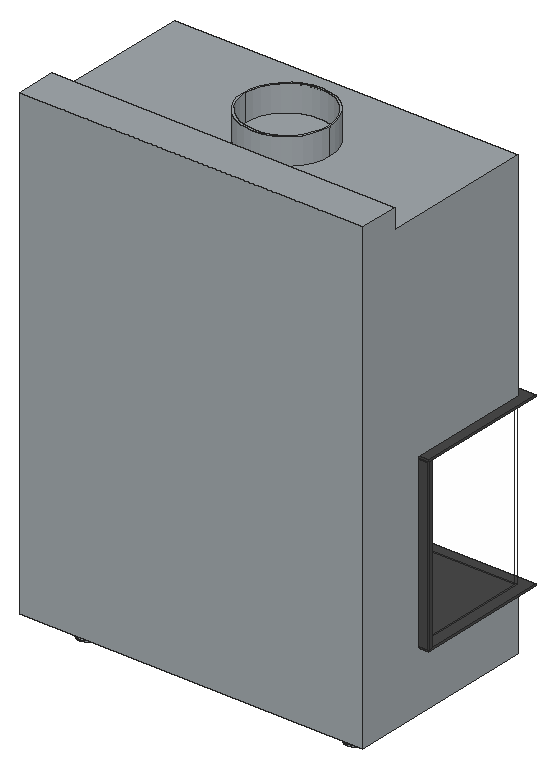
Revit family "METALFIRE_ULTIME_D_MF_WHE_2S", category Mechanical Equipment, host Wall, Revit 2018
Family settings
  Host = Wall
  Round Connector Dimension = Use Diameter
  Part Type = Normal
  OmniClass Number = 23.75.00.00
  OmniClass Title = Climate Control (HVAC)
  Always vertical = Yes
  Cut with Voids When Loaded = No
  Shared = No
  Room Calculation Point = Yes
Parameters (values of type "1050 x 500 mm")
  WIDTH = 997 mm
  WEIGHT = 320.00 kg
  URL = "https://www.metalfire.eu"
  TECHNICAL SHEET = "https://www.metalfire.eu/en/products/wood-fireplaces/ultime-d"
  SMOKE EXHAUST = "Ø250 mm"
  PRODUCT SHEET = "https://www.archiproducts.com/en/products/metalfire/wood-burning-corner-fireplace-ultime-d-corner-fireplace_456405"
  PRODUCT CODE = "MF 1050-50 WHE 2S V20"
  OVERALL WIDTH = 1118 mm
  OVERALL HEIGHT = 1461 mm
  OVERALL DEPTH = 597 mm
  OUTPUT = 19.8 kW
  Number [instance] = (WIDTH / 20 mm) - 2  # 48
  NUMBER OF ELEMENTS = WIDTH / 20 mm - 3  # 47
  Model = "Ultime D"
  Manufacturer = "Metalfire"
  MATERIAL DESCRIPTION = "Iron, galvanized steel and vermiculite plates"
  HEIGHT = 504 mm
  FRAME MATERIAL = Iron - Metalfire
  FINISHING MATERIAL = Painted steel, cast iron
  FINE DUST EMISSION = "30 mg/Nm3"
  ENERGY EFFICIENCY CLASS = "A+"
  Description = "This generation of room air independent wood fireplaces with liftable door is equipped with a dynamic combustion technique that ensures optimal combustion and high efficiency."
  DEPTH = 401 mm
  CO EMISSION = 0.07%
  BIM USER MANUAL = "https://img.edilportale.com/bim/METALFIRE-BIM-USER-MANUAL-Metalfire-bim.pdf"
  BIM BADGE = "https://bim.archiproducts.com/en/badge/bim-archiproducts-featured_658700/about"
  BIM AUTHOR = "https://bim.archiproducts.com"
Types (2, lengths in mm): name | WIDTH | PRODUCT CODE | OVERALL WIDTH | OVERALL DEPTH | OUTPUT | Number | NUMBER OF ELEMENTS | FINE DUST EMISSION | DEPTH | CO EMISSION
  800 x 500 mm | 747 | "MF 800-50 WHE 2S V20" | 868 | 608 | 16.1 kW | 35 | 34 | "24 mg/Nm3" | 461 | 0.06%
  1050 x 500 mm | 997 | "MF 1050-50 WHE 2S V20" | 1118 | 597 | 19.8 kW | 48 | 47 | "30 mg/Nm3" | 401 | 0.07%
Reference planes
  plane 1 "Wall": y = 0
  plane 2 "Center (Left/Right)": x = 0
  plane 3 "Back": y = 400
  plane 4: x = 498.5
  plane 5: x = -498.5
  plane 6: z = 245
  plane 7: z = 749
  plane 8: z = 1461
  plane 9: x = -437.485
  plane 10: x = 365.485
  plane 11: x = -478.5
  plane 12: x = -458.5
Forms (mm)
  Extrusion 1, void
    sketch origin (0, 400, 0) x (1, 0, 0) y (0, 0, 1)
      loop
        line (498.5, 240) -> (498.5, 754) -> (-503.5, 754) -> (-503.5, 240) -> (498.5, 240)
    from 0 to 404.84
  Extrusion 2, void
    sketch origin (0, 0, 0) x (0, 1, 0) y (0, 0, 1)
      loop
        line (370, 1481) -> (-208, 1481) -> (-208, 0) -> (370, 0) -> (370, 1481)
    from -560.5 to 468.5
  Extrusion 3, solid, material "Painted steel, cast iron" <- "FINISHING MATERIAL", detail levels medium+fine
    sketch origin (0, 400, 0) x (1, 0, 0) y (0, 0, 1)
      loop
        line (498.5, 245) -> (-498.5, 245) -> (-498.5, 749) -> (498.5, 749) -> (498.5, 754) -> (-503.5, 754) -> (-503.5, 240) -> (498.5, 240) -> (498.5, 245)
    from 0 to 401
  Extrusion 4, solid, material "Painted steel, cast iron" <- "FINISHING MATERIAL", detail levels medium+fine
    sketch origin (-424.5, -1068.817, 4000) x (0, 1, 0) y (0, 0, 1)
      loop
        line (1063.978, -3755) -> (1068.978, -3755) -> (1068.978, -3251) -> (1063.978, -3251) -> (1063.978, -3755)
    from -74 to 923
  Extrusion 5, solid, material "Iron - Metalfire" <- "FRAME MATERIAL", detail levels fine
    sketch origin (-429.5, -1068.817, 4000) x (0, 1, 0) y (0, 0, 1)
      loop
        line (860.817, -2539) -> (860.817, -3940) -> (980.817, -3940) -> (980.817, -2539) -> (860.817, -2539)
    from -131 to 898
  Extrusion 6, solid, material "Iron - Metalfire" <- "FRAME MATERIAL", detail levels fine
    sketch origin (-424.5, -1068.817, 4000) x (0, 1, 0) y (0, 0, 1)
      loop
        line (980.817, -3940) -> (1438.817, -3940) -> (1438.817, -3760) -> (1063.978, -3760) -> (1063.978, -3246) -> (1438.817, -3246) -> (1438.817, -2599) -> (980.817, -2599) -> (980.817, -3940)
    from -79 to 893
  Extrusion 7, solid, material "Iron - Metalfire" <- "FRAME MATERIAL", detail levels fine
    sketch origin (0, 400, 0) x (1, 0, 0) y (0, 0, 1)
      loop
        line (-503.5, 1401) -> (-560.5, 1401) -> (-560.5, 60) -> (-503.5, 60) -> (-503.5, 1401)
    from 30 to 488
  Extrusion 8, solid, material "Iron - Metalfire" <- "FRAME MATERIAL", detail levels fine
    sketch origin (0, 0, 0) x (1, 0, 0) y (0, 1, 0)
      loop
        circle (0, 91) r 125
      loop
        circle (0, 91) r 130
    from 1401 to 1481
  Revolve 9, solid, material "Iron - Metalfire" <- "FRAME MATERIAL", detail levels fine
    sketch origin (-437.485, -119.985, 4000) x (0, -1, 0) y (0, 0, 1)
      loop
        line (-419.471, -4000) -> (-419.471, -3940) -> (-427.471, -3940) -> (-427.471, -3984) -> (-431.471, -3984) -> (-431.471, -3994) -> (-425.537, -3994) -> (-431.971, -3997) -> (-449.471, -3997) -> (-449.471, -3999) -> (-447.471, -4000) -> (-419.471, -4000)
      axis (-419.471, -4000) -> (-419.471, -3940)
    angle from 0 to 360
  Revolve 10, solid, material "Iron - Metalfire" <- "FRAME MATERIAL", detail levels fine
    sketch origin (-437.485, -527.456, 4000) x (0, -1, 0) y (0, 0, 1)
      loop
        line (-419.471, -4000) -> (-419.471, -3940) -> (-427.471, -3940) -> (-427.471, -3984) -> (-431.471, -3984) -> (-431.471, -3994) -> (-425.537, -3994) -> (-431.971, -3997) -> (-449.471, -3997) -> (-449.471, -3999) -> (-447.471, -4000) -> (-419.471, -4000)
      axis (-419.471, -4000) -> (-419.471, -3940)
    angle from 0 to 360
  Revolve 11, solid, material "Iron - Metalfire" <- "FRAME MATERIAL", detail levels fine
    sketch origin (365.485, -119.985, 4000) x (0, -1, 0) y (0, 0, 1)
      loop
        line (-419.471, -4000) -> (-419.471, -3940) -> (-427.471, -3940) -> (-427.471, -3984) -> (-431.471, -3984) -> (-431.471, -3994) -> (-425.537, -3994) -> (-431.971, -3997) -> (-449.471, -3997) -> (-449.471, -3999) -> (-447.471, -4000) -> (-419.471, -4000)
      axis (-419.471, -4000) -> (-419.471, -3940)
    angle from 0 to 360
  Revolve 12, solid, material "Iron - Metalfire" <- "FRAME MATERIAL", detail levels fine
    sketch origin (365.485, -527.456, 4000) x (0, -1, 0) y (0, 0, 1)
      loop
        line (-419.471, -4000) -> (-419.471, -3940) -> (-427.471, -3940) -> (-427.471, -3984) -> (-431.471, -3984) -> (-431.471, -3994) -> (-425.537, -3994) -> (-431.971, -3997) -> (-449.471, -3997) -> (-449.471, -3999) -> (-447.471, -4000) -> (-419.471, -4000)
      axis (-419.471, -4000) -> (-419.471, -3940)
    angle from 0 to 360
  Extrusion 13, solid, material "Painted steel, cast iron" <- "FINISHING MATERIAL", detail levels fine
    sketch origin (0, 60, 0) x (1, 0, 0) y (0, 1, 0)
      loop
        line (-498.5, -61) -> (-488.5, -61) -> (-488.5, -51) -> (-498.5, -51) -> (-498.5, -61)
    from 245 to 749
  Extrusion 14, solid, material "Painted steel, cast iron" <- "FINISHING MATERIAL", detail levels fine
    sketch origin (0, 80, 0) x (1, 0, 0) y (0, 1, 0)
      loop
        line (-498.5, -61) -> (-488.5, -61) -> (-488.5, -51) -> (-498.5, -51) -> (-498.5, -61)
    from 245 to 749
  Extrusion 15, solid, material "Painted steel, cast iron" <- "FINISHING MATERIAL", detail levels fine
    sketch origin (0, 100, 0) x (1, 0, 0) y (0, 1, 0)
      loop
        line (-498.5, -61) -> (-488.5, -61) -> (-488.5, -51) -> (-498.5, -51) -> (-498.5, -61)
    from 245 to 749
  Extrusion 16, solid, material "Painted steel, cast iron" <- "FINISHING MATERIAL", detail levels fine
    sketch origin (0, 120, 0) x (1, 0, 0) y (0, 1, 0)
      loop
        line (-498.5, -61) -> (-488.5, -61) -> (-488.5, -51) -> (-498.5, -51) -> (-498.5, -61)
    from 245 to 749
  Extrusion 17, solid, material "Painted steel, cast iron" <- "FINISHING MATERIAL", detail levels fine
    sketch origin (0, 140, 0) x (1, 0, 0) y (0, 1, 0)
      loop
        line (-498.5, -61) -> (-488.5, -61) -> (-488.5, -51) -> (-498.5, -51) -> (-498.5, -61)
    from 245 to 749
  Extrusion 18, solid, material "Painted steel, cast iron" <- "FINISHING MATERIAL", detail levels fine
    sketch origin (0, 160, 0) x (1, 0, 0) y (0, 1, 0)
      loop
        line (-498.5, -61) -> (-488.5, -61) -> (-488.5, -51) -> (-498.5, -51) -> (-498.5, -61)
    from 245 to 749
  Extrusion 19, solid, material "Painted steel, cast iron" <- "FINISHING MATERIAL", detail levels fine
    sketch origin (0, 180, 0) x (1, 0, 0) y (0, 1, 0)
      loop
        line (-498.5, -61) -> (-488.5, -61) -> (-488.5, -51) -> (-498.5, -51) -> (-498.5, -61)
    from 245 to 749
  Extrusion 20, solid, material "Painted steel, cast iron" <- "FINISHING MATERIAL", detail levels fine
    sketch origin (0, 200, 0) x (1, 0, 0) y (0, 1, 0)
      loop
        line (-498.5, -61) -> (-488.5, -61) -> (-488.5, -51) -> (-498.5, -51) -> (-498.5, -61)
    from 245 to 749
  Extrusion 21, solid, material "Painted steel, cast iron" <- "FINISHING MATERIAL", detail levels fine
    sketch origin (0, 220, 0) x (1, 0, 0) y (0, 1, 0)
      loop
        line (-498.5, -61) -> (-488.5, -61) -> (-488.5, -51) -> (-498.5, -51) -> (-498.5, -61)
    from 245 to 749
  Extrusion 22, solid, material "Painted steel, cast iron" <- "FINISHING MATERIAL", detail levels fine
    sketch origin (0, 240, 0) x (1, 0, 0) y (0, 1, 0)
      loop
        line (-498.5, -61) -> (-488.5, -61) -> (-488.5, -51) -> (-498.5, -51) -> (-498.5, -61)
    from 245 to 749
  Extrusion 23, solid, material "Painted steel, cast iron" <- "FINISHING MATERIAL", detail levels fine
    sketch origin (0, 260, 0) x (1, 0, 0) y (0, 1, 0)
      loop
        line (-498.5, -61) -> (-488.5, -61) -> (-488.5, -51) -> (-498.5, -51) -> (-498.5, -61)
    from 245 to 749
  Extrusion 24, solid, material "Painted steel, cast iron" <- "FINISHING MATERIAL", detail levels fine
    sketch origin (0, 280, 0) x (1, 0, 0) y (0, 1, 0)
      loop
        line (-498.5, -61) -> (-488.5, -61) -> (-488.5, -51) -> (-498.5, -51) -> (-498.5, -61)
    from 245 to 749
  Extrusion 25, solid, material "Painted steel, cast iron" <- "FINISHING MATERIAL", detail levels fine
    sketch origin (0, 300, 0) x (1, 0, 0) y (0, 1, 0)
      loop
        line (-498.5, -61) -> (-488.5, -61) -> (-488.5, -51) -> (-498.5, -51) -> (-498.5, -61)
    from 245 to 749
  Extrusion 26, solid, material "Painted steel, cast iron" <- "FINISHING MATERIAL", detail levels fine
    sketch origin (0, 320, 0) x (1, 0, 0) y (0, 1, 0)
      loop
        line (-498.5, -61) -> (-488.5, -61) -> (-488.5, -51) -> (-498.5, -51) -> (-498.5, -61)
    from 245 to 749
  Extrusion 27, solid, material "Painted steel, cast iron" <- "FINISHING MATERIAL", detail levels fine
    sketch origin (0, 340, 0) x (1, 0, 0) y (0, 1, 0)
      loop
        line (-498.5, -61) -> (-488.5, -61) -> (-488.5, -51) -> (-498.5, -51) -> (-498.5, -61)
    from 245 to 749
  Extrusion 28, solid, material "Painted steel, cast iron" <- "FINISHING MATERIAL", detail levels fine
    sketch origin (0, 360, 0) x (1, 0, 0) y (0, 1, 0)
      loop
        line (-498.5, -61) -> (-488.5, -61) -> (-488.5, -51) -> (-498.5, -51) -> (-498.5, -61)
    from 245 to 749
  Extrusion 29, solid, material "Clear Glass - Metalfire", detail levels medium+fine
    sketch origin (0, 0, 0) x (1, 0, 0) y (0, 1, 0)
      loop
        line (-498.5, 370) -> (-498.5, 365) -> (463.5, 365) -> (463.5, -4.84) -> (468.5, -4.84) -> (468.5, 370) -> (-498.5, 370)
    from 245 to 749
Cuts and joins
  joined: Extrusion 3, Extrusion 4
  joined: Extrusion 5, Extrusion 6, Extrusion 7
Text (mm)
  text "Placement side" at (-1820.995, 1116.779, 0), in view "Ref. Level"
  text "Placement side" at (0, 1334.055, 2976.191), in view "Left"
  text "Placement side" at (0, 439.194, 2944.362), in view "Right"
Dimensions and locks
  locked: plane 3 "Back" to host wall
  equal spacing: plane 5, plane 2 "Center (Left/Right)", plane 4
  "WIDTH": plane 5 to plane 4
  locked: level to plane 6 at 245
  "HEIGHT": plane 6 to plane 7
  locked: Extrusion 3 sketch curve to Extrusion 3 sketch curve at 5  (x3)
  Extrusion 3 to plane 3 "Back" = 401 mm
  locked: Extrusion 4 sketch curve to Extrusion 4 sketch curve at 5
  "OVERALL HEIGHT": level to plane 8
  locked: Extrusion 5 sketch curve to Extrusion 5 sketch curve at 120
  locked: Extrusion 5 sketch curve to level at 60
  locked: Extrusion 5 sketch curve to plane 3 "Back" at 608
  locked: plane 5 to Extrusion 5 at 62
  level to Extrusion 5 = 1461 mm
  locked: plane 4 to Extrusion 5 at 30
  locked: plane 8 to Extrusion 6 sketch curve at 60
  locked: plane 7 to Extrusion 6 sketch curve at 5
  locked: plane 6 to Extrusion 6 sketch curve at 5
  locked: level to Extrusion 6 sketch curve at 60
  Extrusion 6 sketch curve to Extrusion 6 sketch curve to Extrusion 6 sketch curve = 83.16 mm, 374.84 mm
  locked: Extrusion 6 sketch curve to plane 3 "Back" at 30
  locked: Extrusion 8 sketch curve to plane 3 "Back" at 309
  locked: Extrusion 8 to plane 8 at 20
  locked: Revolve 9 sketch curve to plane 3 "Back" at 100.515
  locked: Revolve 10 sketch curve to plane 3 "Back" at 507.985
  locked: plane 5 to plane 9 at 61.015
  locked: plane 10 to plane 4 at 133.015
  locked: Revolve 12 sketch curve to plane 3 "Back" at 507.985
  locked: Revolve 11 sketch curve to plane 3 "Back" at 100.515
  locked: Extrusion 13 sketch curve to Extrusion 13 sketch curve at 10  (x2)
  locked: Extrusion 14 sketch curve to Extrusion 14 sketch curve at 10  (x2)
  locked: Extrusion 15 sketch curve to Extrusion 15 sketch curve at 10  (x2)
  locked: Extrusion 16 sketch curve to Extrusion 16 sketch curve at 10  (x2)
  locked: Extrusion 17 sketch curve to Extrusion 17 sketch curve at 10  (x2)
  locked: Extrusion 18 sketch curve to Extrusion 18 sketch curve at 10  (x2)
  locked: Extrusion 19 sketch curve to Extrusion 19 sketch curve at 10  (x2)
  locked: Extrusion 20 sketch curve to Extrusion 20 sketch curve at 10  (x2)
  locked: Extrusion 21 sketch curve to Extrusion 21 sketch curve at 10  (x2)
  locked: Extrusion 22 sketch curve to Extrusion 22 sketch curve at 10  (x2)
  locked: Extrusion 23 sketch curve to Extrusion 23 sketch curve at 10  (x2)
  locked: Extrusion 24 sketch curve to Extrusion 24 sketch curve at 10  (x2)
  locked: Extrusion 25 sketch curve to Extrusion 25 sketch curve at 10  (x2)
  locked: Extrusion 26 sketch curve to Extrusion 26 sketch curve at 10  (x2)
  locked: Extrusion 27 sketch curve to Extrusion 27 sketch curve at 10  (x2)
  locked: Extrusion 28 sketch curve to Extrusion 28 sketch curve at 10  (x2)
  plane 5 to plane 11 to plane 12 = 20 mm locked, 20 mm locked
  plane 3 "Back" to Extrusion 28 to Extrusion 27 to Extrusion 26 to Extrusion 25 to Extrusion 24 to Extrusion 23 to Extrusion 22 to Extrusion 21 to Extrusion 20 to Extrusion 19 to Extrusion 18 to Extrusion 17 to Extrusion 16 to Extrusion 15 to Extrusion 14 to Extrusion 13 = 91 mm locked, 20 mm locked, 20 mm locked, 20 mm locked, 20 mm locked, 20 mm locked, 20 mm locked, 20 mm locked, 20 mm locked, 20 mm locked, 20 mm locked, 20 mm locked, 20 mm locked, 20 mm locked, 20 mm locked, 20 mm locked
  locked: Extrusion 29 sketch curve to Extrusion 29 sketch curve at 5  (x2)
  equal spacing: group 1, group 2, group 3, group 4, group 5, group 6, group 7, group 8, group 9, group 10, group 11, group 12, group 13, group 14, group 15, group 16, group 17, group 18, group 19, group 20, group 21, group 22, group 23, group 24, group 25, group 26, group 27, group 28, group 29, group 30, group 31, group 32, group 33, group 34, group 35, group 36, group 37, group 38, group 39, group 40, group 41, group 42, group 43, group 44, group 45, group 46, group 47  (x3)
  aligned and locked: plane 1 "Wall" to host wall
  aligned and locked: Extrusion 1 to plane 3 "Back"
  aligned and locked: Extrusion 2 sketch curve to level
  aligned and locked: plane 6 to Extrusion 3 sketch curve
  aligned and locked: plane 5 to Extrusion 3 sketch curve
  aligned and locked: plane 7 to Extrusion 3 sketch curve
  aligned and locked: plane 4 to Extrusion 3 sketch curve
  aligned and locked: Extrusion 3 sketch curve to plane 4
  aligned and locked: Extrusion 3 to plane 3 "Back"
  aligned and locked: plane 7 to Extrusion 4 sketch curve
  aligned and locked: Extrusion 4 sketch curve to plane 6
  aligned and locked: Extrusion 4 to plane 5
  aligned and locked: plane 4 to Extrusion 4
  aligned and locked: Extrusion 1 sketch curve to cut or joined group of Extrusion 3, Extrusion 4  (x3)
  aligned and locked: plane 4 to Extrusion 1 sketch curve
  aligned and locked: Extrusion 1 to cut or joined group of Extrusion 3, Extrusion 4
  aligned and locked: Extrusion 5 sketch curve to plane 8
  aligned and locked: Extrusion 6 sketch curve to Extrusion 6 sketch curve
  aligned and locked: Extrusion 6 to cut or joined group of Extrusion 3, Extrusion 4
  aligned and locked: Extrusion 5 to Extrusion 6
  aligned and locked: cut or joined group of Extrusion 5, Extrusion 6, Extrusion 7 to Extrusion 7 sketch curve
  aligned and locked: Extrusion 7 to cut or joined group of Extrusion 5, Extrusion 6, Extrusion 7
  aligned and locked: plane 2 "Center (Left/Right)" to Extrusion 8 sketch curve
  aligned and locked: Extrusion 8 to cut or joined group of Extrusion 5, Extrusion 6, Extrusion 7
  aligned and locked: Extrusion 2 sketch curve to Extrusion 8
  aligned and locked: Extrusion 2 sketch curve to cut or joined group of Extrusion 5, Extrusion 6, Extrusion 7
  aligned and locked: Revolve 9 sketch curve to Revolve 9 sketch curve
  aligned and locked: Revolve 10 sketch curve to Revolve 10 sketch curve
  aligned and locked: Revolve 11 sketch curve to Revolve 11 sketch curve
  aligned and locked: Revolve 12 sketch curve to Revolve 12 sketch curve
  aligned and locked: nested 1 to plane 11  (x2)
  aligned and locked: nested 1 to plane 6
  aligned and locked: plane 5 to Extrusion 29 sketch curve
  aligned and locked: Extrusion 29 to plane 6
  aligned and locked: plane 7 to Extrusion 29
  aligned and locked: nested 2 to cut or joined group of Extrusion 5, Extrusion 6, Extrusion 7  (x3)
  aligned and locked: Extrusion 2 to cut or joined group of Extrusion 5, Extrusion 6, Extrusion 7  (x2)
  aligned and locked: plane 1 "Wall" to nested 1
Automatic sketch dimensions
  host wall to Extrusion 4 sketch curve = 4.84 mm
  Extrusion 8 sketch curve to Extrusion 8 sketch curve = 0 mm  (x2)
  level to Revolve 9 sketch curve = 0 mm
  Revolve 9 sketch curve to Revolve 9 sketch curve = 6.066 mm
  Revolve 9 sketch curve to Revolve 9 sketch curve = 8 mm
  Revolve 9 sketch curve to Revolve 9 sketch curve = 5.934 mm
  level to Revolve 9 sketch curve = 3 mm
  Revolve 9 sketch curve to Revolve 9 sketch curve = 0.5 mm
  Revolve 9 sketch curve to Revolve 9 sketch curve = 15.5 mm
  level to Revolve 9 sketch curve = 1 mm
  Revolve 9 sketch curve to Revolve 9 sketch curve = 2 mm
  Revolve 9 sketch curve to Revolve 9 sketch curve = 3 mm
  Revolve 9 sketch curve to Revolve 9 sketch curve = 10 mm
  Revolve 9 sketch curve to Revolve 9 sketch curve = 44 mm
  Revolve 9 sketch curve to Revolve 9 sketch curve = 28.764 mm
  Revolve 9 sketch curve to Revolve 9 sketch curve = 71.236 mm
  level to Revolve 10 sketch curve = 0 mm
  Revolve 10 sketch curve to Revolve 10 sketch curve = 6.066 mm
  Revolve 10 sketch curve to Revolve 10 sketch curve = 8 mm
  Revolve 10 sketch curve to Revolve 10 sketch curve = 5.934 mm
  level to Revolve 10 sketch curve = 3 mm
  Revolve 10 sketch curve to Revolve 10 sketch curve = 0.5 mm
  Revolve 10 sketch curve to Revolve 10 sketch curve = 15.5 mm
  level to Revolve 10 sketch curve = 1 mm
  Revolve 10 sketch curve to Revolve 10 sketch curve = 2 mm
  Revolve 10 sketch curve to Revolve 10 sketch curve = 3 mm
  Revolve 10 sketch curve to Revolve 10 sketch curve = 10 mm
  Revolve 10 sketch curve to Revolve 10 sketch curve = 44 mm
  Revolve 10 sketch curve to Revolve 10 sketch curve = 28.764 mm
  Revolve 10 sketch curve to Revolve 10 sketch curve = 71.236 mm
  Revolve 11 sketch curve to level = 0 mm
  Revolve 11 sketch curve to Revolve 11 sketch curve = 6.066 mm
  Revolve 11 sketch curve to Revolve 11 sketch curve = 8 mm
  Revolve 11 sketch curve to Revolve 11 sketch curve = 5.934 mm
  Revolve 11 sketch curve to level = 3 mm
  Revolve 11 sketch curve to Revolve 11 sketch curve = 0.5 mm
  Revolve 11 sketch curve to Revolve 11 sketch curve = 15.5 mm
  Revolve 11 sketch curve to level = 1 mm
  Revolve 11 sketch curve to Revolve 11 sketch curve = 2 mm
  Revolve 11 sketch curve to Revolve 11 sketch curve = 3 mm
  Revolve 11 sketch curve to Revolve 11 sketch curve = 10 mm
  Revolve 11 sketch curve to Revolve 11 sketch curve = 44 mm
  Revolve 11 sketch curve to Revolve 11 sketch curve = 28.764 mm
  Revolve 11 sketch curve to Revolve 11 sketch curve = 71.236 mm
  Revolve 12 sketch curve to level = 0 mm
  Revolve 12 sketch curve to Revolve 12 sketch curve = 6.066 mm
  Revolve 12 sketch curve to Revolve 12 sketch curve = 8 mm
  Revolve 12 sketch curve to Revolve 12 sketch curve = 5.934 mm
  Revolve 12 sketch curve to level = 3 mm
  Revolve 12 sketch curve to Revolve 12 sketch curve = 0.5 mm
  Revolve 12 sketch curve to Revolve 12 sketch curve = 15.5 mm
  Revolve 12 sketch curve to level = 1 mm
  Revolve 12 sketch curve to Revolve 12 sketch curve = 2 mm
  Revolve 12 sketch curve to Revolve 12 sketch curve = 3 mm
  Revolve 12 sketch curve to Revolve 12 sketch curve = 10 mm
  Revolve 12 sketch curve to Revolve 12 sketch curve = 44 mm
  Revolve 12 sketch curve to Revolve 12 sketch curve = 28.764 mm
  Revolve 12 sketch curve to Revolve 12 sketch curve = 71.236 mm
  Extrusion 13 sketch curve to plane 5 = 0 mm
  host wall to Extrusion 13 sketch curve = 1 mm
  Extrusion 14 sketch curve to plane 5 = 0 mm
  Extrusion 14 sketch curve to host wall = 19 mm
  Extrusion 15 sketch curve to plane 5 = 0 mm
  Extrusion 15 sketch curve to host wall = 39 mm
  Extrusion 16 sketch curve to plane 5 = 0 mm
  Extrusion 16 sketch curve to host wall = 59 mm
  Extrusion 17 sketch curve to plane 5 = 0 mm
  Extrusion 17 sketch curve to host wall = 79 mm
  Extrusion 18 sketch curve to plane 5 = 0 mm
  Extrusion 18 sketch curve to host wall = 99 mm
  Extrusion 19 sketch curve to plane 5 = 0 mm
  Extrusion 19 sketch curve to host wall = 119 mm
  Extrusion 20 sketch curve to plane 5 = 0 mm
  Extrusion 20 sketch curve to host wall = 139 mm
  Extrusion 21 sketch curve to plane 5 = 0 mm
  Extrusion 21 sketch curve to host wall = 159 mm
  Extrusion 22 sketch curve to plane 5 = 0 mm
  Extrusion 22 sketch curve to host wall = 179 mm
  Extrusion 23 sketch curve to plane 5 = 0 mm
  Extrusion 23 sketch curve to host wall = 199 mm
  Extrusion 24 sketch curve to plane 5 = 0 mm
  Extrusion 24 sketch curve to host wall = 181 mm
  Extrusion 25 sketch curve to plane 5 = 0 mm
  Extrusion 25 sketch curve to host wall = 161 mm
  Extrusion 26 sketch curve to plane 5 = 0 mm
  Extrusion 26 sketch curve to host wall = 141 mm
  Extrusion 27 sketch curve to plane 5 = 0 mm
  Extrusion 27 sketch curve to host wall = 121 mm
  Extrusion 28 sketch curve to plane 5 = 0 mm
  Extrusion 28 sketch curve to host wall = 101 mm
  host wall to Extrusion 29 sketch curve = 4.84 mm
  Extrusion 2 sketch curve to host wall = 30 mm
  Extrusion 7 sketch curve to plane 5 = 5 mm
  level to Extrusion 7 sketch curve = 60 mm
  Extrusion 7 sketch curve to plane 8 = 60 mm
  Extrusion 29 sketch curve to plane 4 = 35 mm
  Extrusion 29 sketch curve to host wall = 35 mm
  radius of Extrusion 8 sketch curve = 125 mm
  radius of Extrusion 8 sketch curve = 130 mm
Nested families
  nested 1: "Element" at (-478.5, 0, 245) x (0, -1, 0) z (0, 0, 1), Height <- "HEIGHT", Material <- "FINISHING MATERIAL", type "Element", detail levels fine
    with Material Painted steel, cast iron, Height 504 mm
  nested 2: "FIREPLACE_SYMBOL_detail item" at (-1.5, 81, 0), WIDTH <- "OVERALL WIDTH", type "FIREPLACE_SYMBOL_detail item", detail levels coarse
    with WIDTH 1118 mm, HEIGHT 578 mm
  nested 3: "Element" at (-457.43, 0, 245) x (0, -1, 0) z (0, 0, 1), Height <- "HEIGHT", Material <- "FINISHING MATERIAL", type "Element", detail levels fine
    with Material Painted steel, cast iron, Height 504 mm
  nested 4: "Element" at (-436.359, 0, 245) x (0, -1, 0) z (0, 0, 1), Height <- "HEIGHT", Material <- "FINISHING MATERIAL", type "Element", detail levels fine
    with Material Painted steel, cast iron, Height 504 mm
  nested 5: "Element" at (-415.289, 0, 245) x (0, -1, 0) z (0, 0, 1), Height <- "HEIGHT", Material <- "FINISHING MATERIAL", type "Element", detail levels fine
    with Material Painted steel, cast iron, Height 504 mm
  nested 6: "Element" at (-394.218, 0, 245) x (0, -1, 0) z (0, 0, 1), Height <- "HEIGHT", Material <- "FINISHING MATERIAL", type "Element", detail levels fine
    with Material Painted steel, cast iron, Height 504 mm
  nested 7: "Element" at (-373.148, 0, 245) x (0, -1, 0) z (0, 0, 1), Height <- "HEIGHT", Material <- "FINISHING MATERIAL", type "Element", detail levels fine
    with Material Painted steel, cast iron, Height 504 mm
  nested 8: "Element" at (-352.077, 0, 245) x (0, -1, 0) z (0, 0, 1), Height <- "HEIGHT", Material <- "FINISHING MATERIAL", type "Element", detail levels fine
    with Material Painted steel, cast iron, Height 504 mm
  nested 9: "Element" at (-331.007, 0, 245) x (0, -1, 0) z (0, 0, 1), Height <- "HEIGHT", Material <- "FINISHING MATERIAL", type "Element", detail levels fine
    with Material Painted steel, cast iron, Height 504 mm
  nested 10: "Element" at (-309.936, 0, 245) x (0, -1, 0) z (0, 0, 1), Height <- "HEIGHT", Material <- "FINISHING MATERIAL", type "Element", detail levels fine
    with Material Painted steel, cast iron, Height 504 mm
  nested 11: "Element" at (-288.866, 0, 245) x (0, -1, 0) z (0, 0, 1), Height <- "HEIGHT", Material <- "FINISHING MATERIAL", type "Element", detail levels fine
    with Material Painted steel, cast iron, Height 504 mm
  nested 12: "Element" at (-267.795, 0, 245) x (0, -1, 0) z (0, 0, 1), Height <- "HEIGHT", Material <- "FINISHING MATERIAL", type "Element", detail levels fine
    with Material Painted steel, cast iron, Height 504 mm
  nested 13: "Element" at (-246.725, 0, 245) x (0, -1, 0) z (0, 0, 1), Height <- "HEIGHT", Material <- "FINISHING MATERIAL", type "Element", detail levels fine
    with Material Painted steel, cast iron, Height 504 mm
  nested 14: "Element" at (-225.654, 0, 245) x (0, -1, 0) z (0, 0, 1), Height <- "HEIGHT", Material <- "FINISHING MATERIAL", type "Element", detail levels fine
    with Material Painted steel, cast iron, Height 504 mm
  nested 15: "Element" at (-204.584, 0, 245) x (0, -1, 0) z (0, 0, 1), Height <- "HEIGHT", Material <- "FINISHING MATERIAL", type "Element", detail levels fine
    with Material Painted steel, cast iron, Height 504 mm
  nested 16: "Element" at (-183.513, 0, 245) x (0, -1, 0) z (0, 0, 1), Height <- "HEIGHT", Material <- "FINISHING MATERIAL", type "Element", detail levels fine
    with Material Painted steel, cast iron, Height 504 mm
  nested 17: "Element" at (-162.443, 0, 245) x (0, -1, 0) z (0, 0, 1), Height <- "HEIGHT", Material <- "FINISHING MATERIAL", type "Element", detail levels fine
    with Material Painted steel, cast iron, Height 504 mm
  nested 18: "Element" at (-141.372, 0, 245) x (0, -1, 0) z (0, 0, 1), Height <- "HEIGHT", Material <- "FINISHING MATERIAL", type "Element", detail levels fine
    with Material Painted steel, cast iron, Height 504 mm
  nested 19: "Element" at (-120.302, 0, 245) x (0, -1, 0) z (0, 0, 1), Height <- "HEIGHT", Material <- "FINISHING MATERIAL", type "Element", detail levels fine
    with Material Painted steel, cast iron, Height 504 mm
  nested 20: "Element" at (-99.231, 0, 245) x (0, -1, 0) z (0, 0, 1), Height <- "HEIGHT", Material <- "FINISHING MATERIAL", type "Element", detail levels fine
    with Material Painted steel, cast iron, Height 504 mm
  nested 21: "Element" at (-78.161, 0, 245) x (0, -1, 0) z (0, 0, 1), Height <- "HEIGHT", Material <- "FINISHING MATERIAL", type "Element", detail levels fine
    with Material Painted steel, cast iron, Height 504 mm
  nested 22: "Element" at (-57.09, 0, 245) x (0, -1, 0) z (0, 0, 1), Height <- "HEIGHT", Material <- "FINISHING MATERIAL", type "Element", detail levels fine
    with Material Painted steel, cast iron, Height 504 mm
  nested 23: "Element" at (-36.02, 0, 245) x (0, -1, 0) z (0, 0, 1), Height <- "HEIGHT", Material <- "FINISHING MATERIAL", type "Element", detail levels fine
    with Material Painted steel, cast iron, Height 504 mm
  nested 24: "Element" at (-14.949, 0, 245) x (0, -1, 0) z (0, 0, 1), Height <- "HEIGHT", Material <- "FINISHING MATERIAL", type "Element", detail levels fine
    with Material Painted steel, cast iron, Height 504 mm
  nested 25: "Element" at (6.121, 0, 245) x (0, -1, 0) z (0, 0, 1), Height <- "HEIGHT", Material <- "FINISHING MATERIAL", type "Element", detail levels fine
    with Material Painted steel, cast iron, Height 504 mm
  nested 26: "Element" at (27.192, 0, 245) x (0, -1, 0) z (0, 0, 1), Height <- "HEIGHT", Material <- "FINISHING MATERIAL", type "Element", detail levels fine
    with Material Painted steel, cast iron, Height 504 mm
  nested 27: "Element" at (48.262, 0, 245) x (0, -1, 0) z (0, 0, 1), Height <- "HEIGHT", Material <- "FINISHING MATERIAL", type "Element", detail levels fine
    with Material Painted steel, cast iron, Height 504 mm
  nested 28: "Element" at (69.333, 0, 245) x (0, -1, 0) z (0, 0, 1), Height <- "HEIGHT", Material <- "FINISHING MATERIAL", type "Element", detail levels fine
    with Material Painted steel, cast iron, Height 504 mm
  nested 29: "Element" at (90.403, 0, 245) x (0, -1, 0) z (0, 0, 1), Height <- "HEIGHT", Material <- "FINISHING MATERIAL", type "Element", detail levels fine
    with Material Painted steel, cast iron, Height 504 mm
  nested 30: "Element" at (111.474, 0, 245) x (0, -1, 0) z (0, 0, 1), Height <- "HEIGHT", Material <- "FINISHING MATERIAL", type "Element", detail levels fine
    with Material Painted steel, cast iron, Height 504 mm
  nested 31: "Element" at (132.544, 0, 245) x (0, -1, 0) z (0, 0, 1), Height <- "HEIGHT", Material <- "FINISHING MATERIAL", type "Element", detail levels fine
    with Material Painted steel, cast iron, Height 504 mm
  nested 32: "Element" at (153.615, 0, 245) x (0, -1, 0) z (0, 0, 1), Height <- "HEIGHT", Material <- "FINISHING MATERIAL", type "Element", detail levels fine
    with Material Painted steel, cast iron, Height 504 mm
  nested 33: "Element" at (174.685, 0, 245) x (0, -1, 0) z (0, 0, 1), Height <- "HEIGHT", Material <- "FINISHING MATERIAL", type "Element", detail levels fine
    with Material Painted steel, cast iron, Height 504 mm
  nested 34: "Element" at (195.756, 0, 245) x (0, -1, 0) z (0, 0, 1), Height <- "HEIGHT", Material <- "FINISHING MATERIAL", type "Element", detail levels fine
    with Material Painted steel, cast iron, Height 504 mm
  nested 35: "Element" at (216.826, 0, 245) x (0, -1, 0) z (0, 0, 1), Height <- "HEIGHT", Material <- "FINISHING MATERIAL", type "Element", detail levels fine
    with Material Painted steel, cast iron, Height 504 mm
  nested 36: "Element" at (237.897, 0, 245) x (0, -1, 0) z (0, 0, 1), Height <- "HEIGHT", Material <- "FINISHING MATERIAL", type "Element", detail levels fine
    with Material Painted steel, cast iron, Height 504 mm
  nested 37: "Element" at (258.967, 0, 245) x (0, -1, 0) z (0, 0, 1), Height <- "HEIGHT", Material <- "FINISHING MATERIAL", type "Element", detail levels fine
    with Material Painted steel, cast iron, Height 504 mm
  nested 38: "Element" at (280.038, 0, 245) x (0, -1, 0) z (0, 0, 1), Height <- "HEIGHT", Material <- "FINISHING MATERIAL", type "Element", detail levels fine
    with Material Painted steel, cast iron, Height 504 mm
  nested 39: "Element" at (301.108, 0, 245) x (0, -1, 0) z (0, 0, 1), Height <- "HEIGHT", Material <- "FINISHING MATERIAL", type "Element", detail levels fine
    with Material Painted steel, cast iron, Height 504 mm
  nested 40: "Element" at (322.179, 0, 245) x (0, -1, 0) z (0, 0, 1), Height <- "HEIGHT", Material <- "FINISHING MATERIAL", type "Element", detail levels fine
    with Material Painted steel, cast iron, Height 504 mm
  nested 41: "Element" at (343.249, 0, 245) x (0, -1, 0) z (0, 0, 1), Height <- "HEIGHT", Material <- "FINISHING MATERIAL", type "Element", detail levels fine
    with Material Painted steel, cast iron, Height 504 mm
  nested 42: "Element" at (364.319, 0, 245) x (0, -1, 0) z (0, 0, 1), Height <- "HEIGHT", Material <- "FINISHING MATERIAL", type "Element", detail levels fine
    with Material Painted steel, cast iron, Height 504 mm
  nested 43: "Element" at (385.39, 0, 245) x (0, -1, 0) z (0, 0, 1), Height <- "HEIGHT", Material <- "FINISHING MATERIAL", type "Element", detail levels fine
    with Material Painted steel, cast iron, Height 504 mm
  nested 44: "Element" at (406.46, 0, 245) x (0, -1, 0) z (0, 0, 1), Height <- "HEIGHT", Material <- "FINISHING MATERIAL", type "Element", detail levels fine
    with Material Painted steel, cast iron, Height 504 mm
  nested 45: "Element" at (427.531, 0, 245) x (0, -1, 0) z (0, 0, 1), Height <- "HEIGHT", Material <- "FINISHING MATERIAL", type "Element", detail levels fine
    with Material Painted steel, cast iron, Height 504 mm
  nested 46: "Element" at (448.601, 0, 245) x (0, -1, 0) z (0, 0, 1), Height <- "HEIGHT", Material <- "FINISHING MATERIAL", type "Element", detail levels fine
    with Material Painted steel, cast iron, Height 504 mm
  nested 47: "Element" at (469.672, 0, 245) x (0, -1, 0) z (0, 0, 1), Height <- "HEIGHT", Material <- "FINISHING MATERIAL", type "Element", detail levels fine
    with Material Painted steel, cast iron, Height 504 mm
  nested 48: "Element" at (490.742, 0, 245) x (0, -1, 0) z (0, 0, 1), Height <- "HEIGHT", Material <- "FINISHING MATERIAL", type "Element", detail levels fine
    with Material Painted steel, cast iron, Height 504 mm
Connectors
  piping at (0, 91, 1401), diameter 250
    settings: on Extrusion 8, index 1, connector inside diameter 609.6 mm, connector length 0 mm, flow factor 0, pipe flow 0.0 L/s, pressure drop 0.0 Pa, fitting loss kfactor 0, connector angle 0.00°, fixture units 0, engagement length 0 mm, angle of deflection 0.00°, flow configuration 1, flow direction 2, fitting loss method 0, system type 22, joint type 0, gender type 0, connector reference index -1, connector utility 0, adjustable connector no, is connector primary yes, connector description ""
Definition of nested family "Element"
  Parameters (values of type "Element")
    Material [instance] = none
    Height [instance] = 310 mm
  Reference planes
    plane 1 "Center (Front/Back)": y = 0
    plane 2: z = 0
    plane 3 "Center (Left/Right)": x = 0
    plane 4: z = 310
  Forms (mm)
    Extrusion 1, solid, material <- "Material"
      sketch origin (0, 0, 0) x (1, 0, 0) y (0, 1, 0)
        loop
          line (-10, 0) -> (0, 0) -> (0, 10) -> (-10, 10) -> (-10, 0)
      from 0 to 310
  Dimensions and locks
    locked: Extrusion 1 sketch curve to Extrusion 1 sketch curve at 10  (x2)
    "Height": plane 4 to plane 2
    aligned and locked: level to plane 2
    aligned and locked: plane 1 "Center (Front/Back)" to Extrusion 1 sketch curve
    aligned and locked: plane 3 "Center (Left/Right)" to Extrusion 1 sketch curve
    aligned and locked: plane 4 to Extrusion 1
    aligned and locked: Extrusion 1 to plane 2
Definition of nested family "FIREPLACE_SYMBOL_detail item"
  Parameters (values of type "FIREPLACE_SYMBOL_detail item")
    WIDTH [instance] = 500 mm
    HEIGHT [instance] = 500 mm
  Reference planes
    plane 1 "Center (Front/Back)": y = 0
    plane 2: z = 0
    plane 3 "Center (Left/Right)": x = 0
    plane 4: x = 250
    plane 5: x = -250
    plane 6: y = 250
    plane 7: y = -250
  Lines and regions (mm)
    Filled region 1, type "Concrete", in view "Ref. Level"
      outline origin (-246.617, 90, 0) x (1, 0, 0) y (0, 1, 0)
        loop
          line (-3.383, -340) -> (496.617, -340) -> (496.617, 160) -> (-3.383, -340)
    detail lines, in view "Ref. Level"
      curve 1: line (-250, 250, 0) -> (250, 250, 0)
      curve 2: line (-250, -250, 0) -> (-250, 250, 0)
      curve 3: line (250, -250, 0) -> (-250, -250, 0)
      curve 4: line (250, 250, 0) -> (250, -250, 0)
  Dimensions and locks
    equal spacing: plane 5, plane 3 "Center (Left/Right)", plane 4
    equal spacing: plane 7, plane 1 "Center (Front/Back)", plane 6
    "WIDTH": plane 5 to plane 4
    "HEIGHT": plane 7 to plane 6
    aligned and locked: plane 6 to curve 1
    aligned and locked: plane 5 to curve 2
    aligned and locked: curve 3 to plane 7
    aligned and locked: curve 4 to plane 4
    aligned and locked: plane 6 to Filled region 1 sketch curve
    aligned and locked: plane 5 to Filled region 1 sketch curve
    aligned and locked: Filled region 1 sketch curve to plane 4
    aligned and locked: plane 7 to Filled region 1 sketch curve
